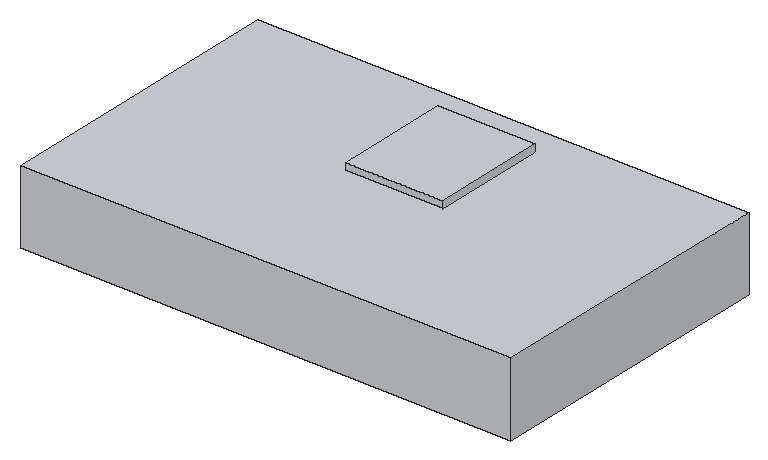
Revit family "M_Painel de controle do alarme de incêndio", category Equipamento elétrico, Revit 2019
Family settings
  Hospedeiro = Face
  Cota do conector redondo = Utilizar diâmetro
  Tipo de parte = Outros painéis
  Número OmniClass = 23.85.30.21.11.14
  Título OmniClass = Alarm Panels
  ID de item do Seek = Fire Alarm Control Panel-0000-CAN-ENU
  Corte com vazios quando carregada = Não
  Compartilhado = Não
  Ponto de cálculo do ambiente = Não
Parameters (values of type "400x475")
  Largura = 400 mm
  Projeção = 27.4 mm
  Altura = 475 mm
  Linear = 111 mm
  Elevação-padrão = 1200 mm
Reference planes
  plane 1 "Centro (Frente/Trás)": y = 0
  plane 2: z = 0
  plane 3 "Centro (Esquerda/Direita)": x = 0.422
  plane 4: x = -199.578
  plane 5: x = 200.422
  plane 6: y = -475
  plane 7: z = -111
  plane 8: z = 27.4
Forms (mm)
  Extrusion 1, solid
    sketch origin (0, 0, 0) x (1, 0, 0) y (0, 1, 0)
      loop
        line (-1038.089, 117.002) -> (-1038.089, -1110.486) -> (987.822, -1110.486) -> (987.822, 117.002) -> (-1038.089, 117.002)
    from 0 to -304.8
  Extrusion 2, solid
    sketch origin (0, 0, 0) x (1, 0, 0) y (0, 1, 0)
      loop
        line (-199.578, 0) -> (-199.578, -475) -> (200.422, -475) -> (200.422, 0) -> (-199.578, 0)
    from -111 to 27.4
Dimensions and locks
  equal spacing: plane 4, plane 3 "Centro (Esquerda/Direita)", plane 5
  "Largura": plane 4 to plane 5
  "Linear": Extrusion 1 to plane 7
  "Projeção": plane 8 to Extrusion 1
  "Altura": plane 6 to plane 1 "Centro (Frente/Trás)"
  aligned and locked: plane 2 to Extrusion 1
  aligned and locked: level to Extrusion 1
  aligned and locked: plane 5 to Extrusion 2
  aligned and locked: Extrusion 2 to plane 6
  aligned and locked: Extrusion 2 to plane 4
  aligned and locked: Extrusion 2 to plane 7
  aligned and locked: plane 8 to Extrusion 2
  aligned and locked: Extrusion 2 to plane 1 "Centro (Frente/Trás)"
Automatic sketch dimensions
  Extrusion 2 sketch curve to plane 4 = 0 mm
  Extrusion 2 sketch curve to plane 5 = 0 mm
  Extrusion 2 sketch curve to plane 6 = 0 mm
  plane 6 to Extrusion 2 sketch curve = 475 mm
  Extrusion 1 sketch curve to Extrusion 1 sketch curve = 2025.91 mm
  Extrusion 1 sketch curve to Extrusion 1 sketch curve = 1227.488 mm
Connectors
  electrical at (0.422, 0, -41.8)
    settings: on Extrusion 2, index 1, voltage 0 V, apparent load 0 VA, apparent load phase1 0 VA, apparent load phase2 0 VA, apparent load phase3 0 VA, power factor 1, load classification "Outros", number of poles 1, system type 11, power factor state 1, is connector primary yes, connector utility no, sub classification motor no, connector description ""
  cabletrayconduit at (0.422, 0, -41.8), diameter 600
    settings: on Extrusion 2, index 2, connector width 300 mm, connector height 300 mm, connector angle 0.00°, system type 32, placement type 1, profile type 0, connector reference index -1, is primary connector yes, connector utility param no, connector description ""
  cabletrayconduit at (-199.578, -237.5, -41.8), diameter 600
    settings: on Extrusion 2, index 3, connector width 300 mm, connector height 300 mm, connector angle 0.00°, system type 32, placement type 1, profile type 0, connector reference index -1, is primary connector no, connector utility param no, connector description ""
  cabletrayconduit at (200.422, -237.5, -41.8), diameter 600
    settings: on Extrusion 2, index 4, connector width 300 mm, connector height 300 mm, connector angle 0.00°, system type 32, placement type 1, profile type 0, connector reference index -1, is primary connector no, connector utility param no, connector description ""
  cabletrayconduit at (0.422, -237.5, -111), diameter 600
    settings: on Extrusion 2, index 5, connector width 300 mm, connector height 300 mm, connector angle 0.00°, system type 32, placement type 1, profile type 0, connector reference index -1, is primary connector no, connector utility param no, connector description ""
  cabletrayconduit at (0.422, -475, -41.8), diameter 600
    settings: on Extrusion 2, index 6, connector width 300 mm, connector height 300 mm, connector angle 0.00°, system type 32, placement type 1, profile type 0, connector reference index -1, is primary connector no, connector utility param no, connector description ""
